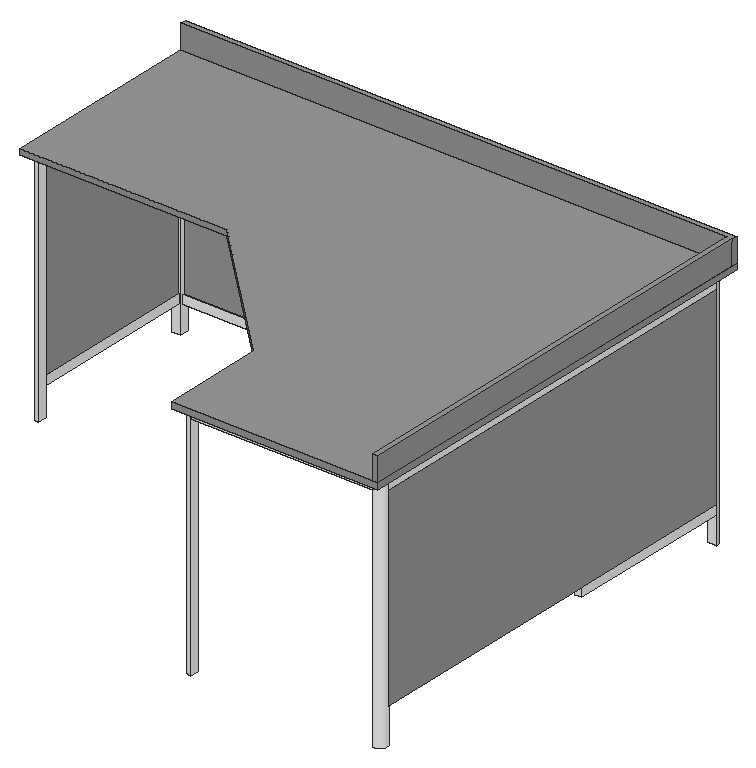
Revit family "Стол медицинский без тумбы эргономичный ДМ", category Оборудование, Revit 2017
Family settings
  Размер круглого соединителя = Использовать диаметр
  Тип детали = Нормальный
  На основе рабочей плоскости = Нет
  Всегда вертикально = Да
  При загрузке вырезать с полостями = Нет
  Общий = Нет
  Точка расчета площади = Нет
Parameters (values of type "Левый")
  Фасад = Столешница медицинской мебели ДСП с пластиковым покрытием
  Ручки = Алюминий 7075
  Панели = Пластмасса, непрозрачная, белая
  Общ_Ширина = 1600.0 mm
  Общ_Тип, марка = "ДМ-2-006-09"
  Общ_Примечание КР [instance] = ""
  Общ_Примечание АР [instance] = ""
  Общ_Примечание = ""
  Общ_Поставщик = "Доктор Мебель"
  Общ_Позиция = ""
  Общ_Наименование = "Стол медицинский без тумбы эргономичный правый"
  Общ_Масса = ""
  Общ_Код продукции = ""
  Общ_Единицы измерения = "шт."
  Общ_Глубина = 1300.0 mm
  Общ_Высота = 820.0 mm
  Ножки = Пластмасса, непрозрачная, черная
  Keynote = ""
  Каркас = Алюминий 7075
  Длина ручек = 150.0 mm
  Model = ""
Types (2, lengths in mm): name | Общ_Тип, марка
  Правый | "ДМ-2-006-07"
  Левый | "ДМ-2-006-09"
Reference planes
  plane 1 "По центру (Вперед/Назад)": y = 0
  plane 2: z = 0
  plane 3 "По центру (Влево/Вправо)": x = 0
  plane 4: x = 800
  plane 5: x = -800
  plane 6: y = 300
  plane 7: y = -300
  plane 8: y = -250
  plane 9: x = -765
  plane 10: x = 765
  plane 11: y = 240
  plane 12: z = 820
  plane 13: z = 733
  plane 14: z = 708
  plane 15: x = 200
  plane 16: y = -950
  plane 17: x = 235
  plane 18: y = -1000
  plane 19: y = 300
Forms (mm)
  Extrusion 1, solid, material "Пластмасса, непрозрачная, белая" <- "Панели", detail levels fine
    sketch origin (0, 0, 0) x (1, 0, 0) y (0, 1, 0)
      loop
        line (-800, 300) -> (-800, -300) -> (-200, -300) -> (200, -700) -> (200, -1000) -> (800, -1000) -> (800, 300) -> (-800, 300)
    from 733 to 750
  Extrusion 2, solid, material "Пластмасса, непрозрачная, белая" <- "Панели", detail levels fine
    sketch origin (0, 0, 0) x (1, 0, 0) y (0, 1, 0)
      loop
        line (-800, 300) -> (-800, 284) -> (784, 284) -> (784, -1000) -> (800, -1000) -> (800, 284) -> (800, 300) -> (-800, 300)
    from 820 to 750
  Extrusion 3, solid, material "Пластмасса, непрозрачная, белая" <- "Панели", detail levels fine
    sketch origin (0, 0, 0) x (1, 0, 0) y (0, 1, 0)
      loop
        line (-765, 265) -> (-765, 249) -> (765, 249) -> (765, 265) -> (-765, 265)
      loop
        line (-774, 240) -> (-790, 240) -> (-790, -250) -> (-774, -250) -> (-774, 240)
      loop
        line (774, 240) -> (774, -950) -> (790, -950) -> (790, 240) -> (774, 240)
    from 145 to 708
  Extrusion 4, solid, material "Алюминий 7075" <- "Каркас", detail levels fine
    sketch origin (0, 0, 0) x (1, 0, 0) y (0, 1, 0)
      loop
        line (-790, -250) -> (-770, -250) -> (-770, 240) -> (-790, 240) -> (-790, -250)
      loop
        line (-765, 265) -> (-765, 245) -> (765, 245) -> (765, 265) -> (-765, 265)
      loop
        line (790, -950) -> (790, 240) -> (770, 240) -> (770, -950) -> (790, -950)
      loop
        line (765, -975) -> (765, -959) -> (235, -959) -> (235, -975) -> (765, -975)
    from 708 to 733
  Extrusion 5, solid, material "Алюминий 7075" <- "Каркас", detail levels fine
    sketch origin (0, 0, 0) x (1, 0, 0) y (0, 1, 0)
      loop
        line (-765, 245) -> (765, 245) -> (765, 265) -> (-765, 265) -> (-765, 245)
      loop
        line (-770, -250) -> (-770, 240) -> (-790, 240) -> (-790, -250) -> (-770, -250)
      loop
        line (770, 240) -> (770, -250) -> (790, -250) -> (790, 240) -> (770, 240)
    from 120 to 145
  Extrusion 6, solid, material "Алюминий 7075" <- "Каркас", detail levels fine
    sketch origin (100, -1524, 708) x (-1, 0, 0) y (0, -1, 0)
      loop
        arc (865, -1789) -> (882.678, -1781.678) -> (890, -1764) r 25
        line (890, -1764) -> (865, -1764) -> (865, -1789)
      loop
        arc (-690, -1764) -> (-682.678, -1781.678) -> (-665, -1789) r 25
        line (-665, -1789) -> (-665, -1764) -> (-690, -1764)
      loop
        arc (-665, -549) -> (-682.678, -556.322) -> (-690, -574) r 25
        line (-690, -574) -> (-665, -574) -> (-665, -549)
      loop
        arc (890, -1274) -> (882.678, -1256.322) -> (865, -1249) r 25
        line (865, -1249) -> (865, -1274) -> (890, -1274)
      loop
        arc (-110, -574) -> (-117.322, -556.322) -> (-135, -549) r 25
        line (-135, -549) -> (-135, -574) -> (-110, -574)
    from -668 to 25
Lines and regions (mm)
  symbolic lines, detail levels coarse+medium
    curve 1: line (800, 300, 708) -> (-800, 300, 708)
    curve 2: line (-800, 300, 708) -> (-800, -300, 708)
    curve 3: line (-800, -300, 708) -> (-200, -300, 708)
    curve 4: line (-200, -300, 708) -> (200, -700, 708)
    curve 5: line (200, -700, 708) -> (200, -1000, 708)
    curve 6: line (200, -1000, 708) -> (800, -1000, 708)
    curve 7: line (800, -1000, 708) -> (800, 300, 708)
    curve 8: line (-800, 300, 708) -> (800, -1000, 708)
Dimensions and locks
  "Общ_Ширина": plane 5 to plane 4
  equal spacing: plane 5, plane 3 "По центру (Влево/Вправо)", plane 4
  locked: plane 5 to plane 9 at 35
  locked: plane 10 to plane 4 at 35
  locked: plane 6 to plane 11 at 60
  "Общ_Высота": plane 12 to level
  locked: plane 12 to plane 13 at 87
  locked: Extrusion 2 to Extrusion 1 at 70
  locked: Extrusion 1 to Extrusion 1 at 17
  locked: plane 13 to plane 14 at 25
  locked: plane 15 to plane 17 at 35
  locked: plane 16 to plane 18 at 50
  "Общ_Глубина": plane 19 to plane 18
  locked: plane 8 to plane 7 at 50
  aligned and locked: level to plane 2
  aligned and locked: plane 12 to Extrusion 2
  aligned and locked: Extrusion 2 to Extrusion 1
  aligned and locked: Extrusion 4 to Extrusion 1
  aligned and locked: Extrusion 3 to Extrusion 4
  aligned and locked: Extrusion 4 to plane 14
  aligned and locked: plane 15 to Extrusion 1
  aligned and locked: Extrusion 1 to plane 7
  aligned and locked: Extrusion 6 to plane 16
  aligned and locked: Extrusion 6 to Extrusion 3
  aligned and locked: Extrusion 6 to plane 10
  aligned and locked: Extrusion 6 to Extrusion 4
  aligned and locked: Extrusion 1 to Extrusion 2
  aligned and locked: Extrusion 1 to plane 6
  aligned and locked: Extrusion 2 to plane 6
Automatic sketch dimensions
  Extrusion 5 sketch curve to plane 9 = 0.0 mm
  Extrusion 5 sketch curve to plane 10 = 0.0 mm
  plane 11 to Extrusion 5 sketch curve = 5.0 mm
  Extrusion 5 sketch curve to Extrusion 5 sketch curve = 20.0 mm
  plane 8 to Extrusion 5 sketch curve = 0.0 mm  (x2)
  Extrusion 5 sketch curve to plane 11 = 0.0 mm  (x2)
  plane 9 to Extrusion 5 sketch curve = 5.0 mm
  plane 5 to Extrusion 5 sketch curve = 10.0 mm
  plane 10 to Extrusion 5 sketch curve = 5.0 mm
  Extrusion 5 sketch curve to plane 4 = 10.0 mm
  Extrusion 1 sketch curve to plane 5 = 0.0 mm
  Extrusion 1 sketch curve to plane 7 = 0.0 mm
  Extrusion 1 sketch curve to plane 4 = 0.0 mm
  Extrusion 1 sketch curve to plane 6 = 0.0 mm
  plane 3 "По центру (Влево/Вправо)" to Extrusion 1 sketch curve = 200.0 mm
  Extrusion 1 sketch curve to plane 7 = 400.0 mm
  Extrusion 1 sketch curve to Extrusion 1 sketch curve = 300.0 mm
  Extrusion 1 sketch curve to plane 3 "По центру (Влево/Вправо)" = 200.0 mm
  plane 11 to Extrusion 6 sketch curve = 0.0 mm
  Extrusion 6 sketch curve to plane 10 = 0.0 mm  (x2)
  plane 8 to Extrusion 6 sketch curve = 0.0 mm
  Extrusion 6 sketch curve to plane 9 = 0.0 mm  (x2)
  Extrusion 6 sketch curve to plane 11 = 0.0 mm
  Extrusion 6 sketch curve to plane 4 = 10.0 mm  (x2)
  plane 3 "По центру (Влево/Вправо)" to Extrusion 6 sketch curve = 235.0 mm
  Extrusion 6 sketch curve to Extrusion 6 sketch curve = 25.0 mm
  plane 5 to Extrusion 6 sketch curve = 10.0 mm  (x2)
  Extrusion 6 sketch curve to plane 7 = 650.0 mm
  Extrusion 6 sketch curve to Extrusion 6 sketch curve = 0.0 mm
  plane 8 to Extrusion 3 sketch curve = 0.0 mm
  Extrusion 3 sketch curve to plane 11 = 0.0 mm  (x2)
  Extrusion 3 sketch curve to plane 9 = 0.0 mm
  Extrusion 3 sketch curve to plane 10 = 0.0 mm
  plane 9 to Extrusion 3 sketch curve = 9.0 mm
  plane 5 to Extrusion 3 sketch curve = 10.0 mm
  plane 10 to Extrusion 3 sketch curve = 9.0 mm
  Extrusion 3 sketch curve to plane 4 = 10.0 mm
  Extrusion 3 sketch curve to plane 7 = 650.0 mm
  plane 11 to Extrusion 3 sketch curve = 9.0 mm
  Extrusion 3 sketch curve to Extrusion 3 sketch curve = 16.0 mm
  Extrusion 2 sketch curve to plane 5 = 0.0 mm
  Extrusion 2 sketch curve to plane 4 = 0.0 mm
  plane 6 to Extrusion 2 sketch curve = 0.0 mm
  Extrusion 2 sketch curve to Extrusion 2 sketch curve = 16.0 mm  (x3)
  Extrusion 2 sketch curve to plane 7 = 700.0 mm
  Extrusion 4 sketch curve to plane 11 = 0.0 mm  (x2)
  plane 8 to Extrusion 4 sketch curve = 0.0 mm
  Extrusion 4 sketch curve to plane 9 = 0.0 mm
  Extrusion 4 sketch curve to plane 10 = 0.0 mm  (x2)
  plane 9 to Extrusion 4 sketch curve = 5.0 mm
  plane 5 to Extrusion 4 sketch curve = 10.0 mm
  plane 3 "По центру (Влево/Вправо)" to Extrusion 4 sketch curve = 235.0 mm
  plane 10 to Extrusion 4 sketch curve = 5.0 mm
  Extrusion 4 sketch curve to plane 4 = 10.0 mm
  Extrusion 4 sketch curve to plane 7 = 650.0 mm
  Extrusion 4 sketch curve to Extrusion 4 sketch curve = 9.0 mm
  Extrusion 4 sketch curve to Extrusion 4 sketch curve = 16.0 mm
  plane 11 to Extrusion 4 sketch curve = 5.0 mm
  Extrusion 4 sketch curve to Extrusion 4 sketch curve = 20.0 mm
  curve 8 to plane 4 = 0.0 mm
  curve 6 to plane 15 = 0.0 mm
  curve 4 to plane 7 = 0.0 mm
  curve 2 to plane 5 = 0.0 mm
  curve 8 to plane 6 = 0.0 mm
  curve 7 to plane 18 = 0.0 mm
  curve 4 to plane 3 "По центру (Влево/Вправо)" = 200.0 mm
  curve 5 to plane 16 = 250.0 mm
